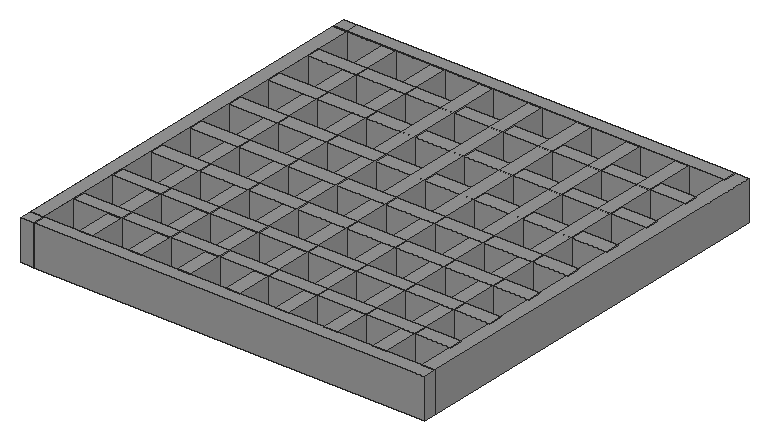
Revit family "6113-3", category Generic Models, host Ceiling, Revit 2023
Family settings
  Host = Ceiling
  Can host rebar = No
  Round Connector Dimension = Use Diameter
  Part Type = Normal
  Always vertical = Yes
  Cut with Voids When Loaded = No
  Maintain Annotation Orientation = No
  Shared = No
  Room Calculation Point = No
Parameters (values of type "6112-3")
  MEMBER THICKNESS [instance] = 0' - 0 3/4"  # constant formula
  Default Elevation = 0' - 0"
  Cube Depth [instance] = 0' - 2 1/4"  # constant formula
  CELL COUNT [instance] = 8  # constant formula
  .. Member Material [instance] = 9WOOD WALNUT
Types (3): name
  (no name)
  6112-3
  6113-3
Reference planes (in)
  plane 1 "Center (Front/Back)": y = 0
  plane 2 "Ceiling": z = 96
  plane 3 "Center (Left/Right)": x = 0
Dimensions and locks (in)
  equal spacing: host sketch curve, plane 3 "Center (Left/Right)", host sketch curve
  equal spacing: host sketch curve, plane 1 "Center (Front/Back)", host sketch curve
  host sketch curve to host sketch curve = 10' - 0"  (x2)
  aligned and locked: host ceiling to nested 1
Nested families (in)
  nested 1: "6100 Start" at (-406.11614, -294.13883, 72.37482), Actual Depth <- "Cube Depth", Member Material <- ".. Member Material", MEMBER COUNT <- "CELL COUNT", MEMBER THICKNESS <- "MEMBER THICKNESS", type "6100 Start"
    with W1 CALC 1' - 10 1/4", T1 1' - 9 1/2", Member Material 9WOOD WALNUT, MEMBER THICKNESS 0' - 0 3/4", MEMBER COUNT 8, D2 TYP 0' - 2 25/32", Actual Depth 0' - 2 1/4", .. Half Member Width 0' - 0 3/8"
Definition of nested family "6100 Start"
  Parameters (values of type "6100 Start")
    W1 CALC [instance] = 1' 9 1/2" + MEMBER THICKNESS  # 1' - 10 1/8"
    T1 [instance] = 1' - 9 1/2"  # constant formula
    Member Material [instance] = none
    .. Half Member Width [instance] = MEMBER THICKNESS / 2  # 0' - 0 5/16"
    Actual Depth [instance] = 0' - 2 1/4"
    MEMBER THICKNESS [instance] = 0' - 0 5/8"
    Default Elevation = 0' - 2 25/32"
    D2 TYP [instance] = (T1 + MEMBER THICKNESS) / MEMBER COUNT  # 0' - 5 17/32"
    MEMBER COUNT [instance] = 4
  Reference planes (in)
    plane 1 "Center (Front/Back)": y = 286.63756
    plane 2: z = 0
    plane 3 "Center (Left/Right)": x = 398.71958
    plane 4: y = 308.88756
    plane 5: x = 420.96958
    plane 6: x = 399.46958
    plane 7: y = 287.38756
    plane 8: x = 420.96958
    plane 9: x = 420.96958
    plane 10: z = 23.62518
    plane 11: x = 399.46958
    plane 12: y = 309.20006
    plane 13: y = 303.66881
    plane 14: x = 399.15708
    plane 15: x = 404.68833
  Dimensions and locks (in)
    "T1": plane 4 to plane 7
    "T1": plane 6 to plane 5
    ".. Half Member Width": plane 14 to plane 6
    ".. Half Member Width": plane 12 to plane 4
    "D2 TYP": plane 12 to plane 13
    "D2 TYP": plane 14 to plane 15
    equal spacing: group 1, group 3, group 4, group 7  (x2)
    equal spacing: group 7, group 4, group 3, group 1
    equal spacing: group 2, group 5, group 6, group 8
    equal spacing: group 8, group 6, group 5, group 2  (x2)
    aligned and locked: plane 2 to level
    aligned and locked: plane 4 to nested 1  (x2)
    aligned and locked: plane 5 to nested 2
    aligned and locked: plane 7 to nested 3
    aligned and locked: nested 3 to plane 6
    aligned and locked: nested 4 to plane 8
    aligned and locked: nested 4 to plane 7
    aligned and locked: nested 5 to plane 4
    aligned and locked: nested 5 to plane 9
    aligned and locked: plane 6 to nested 6
    aligned and locked: plane 4 to nested 6
    aligned and locked: plane 10 to nested 2
    aligned and locked: nested 5 to plane 10
    aligned and locked: nested 3 to plane 10
    aligned and locked: nested 6 to plane 10
    aligned and locked: nested 4 to plane 10
    aligned and locked: plane 11 to nested 6
    aligned and locked: plane 14 to nested 1
    aligned and locked: plane 15 to nested 7
    aligned and locked: nested 2 to plane 12
    aligned and locked: nested 9 to plane 13
    aligned and locked: plane 10 to nested 12
    aligned and locked: plane 10 to nested 11
    aligned and locked: plane 10 to nested 8
  Nested families (in)
    nested 1: "Only Box" at (399.15708, 298.13756, 21.37518), Width <- "MEMBER THICKNESS", Length <- "T1", Depth <- "Actual Depth", Material <- "Member Material", type "Only Box"
      with Width 0' - 0 5/8", Material none, Length 1' - 9 1/2", Depth 0' - 2 1/4"
    nested 2: "Only Box" at (410.21958, 309.20006, 21.37518), Length <- "MEMBER THICKNESS", Depth <- "Actual Depth", Material <- "Member Material", type "Only Box"
      with Width 1' - 9 1/2", Material none, Length 0' - 0 5/8", Depth 0' - 2 1/4"
    nested 3: "Only Box 2" at (438.46958, 259.37199, 23.62518) x (0, -1, 0) z (0, 0, 1), Depth <- "Actual Depth", Length <- "MEMBER THICKNESS", Material <- "Member Material", Width <- "W1 CALC", type "Only Box 2"
      with Width 1' - 10 1/8", Material none, Length 0' - 0 5/8", Depth 0' - 2 1/4"
    nested 4: "Only Box 2" at (448.98515, 326.38756, 23.62518), Depth <- "Actual Depth", Length <- "MEMBER THICKNESS", Material <- "Member Material", Width <- "W1 CALC", type "Only Box 2"
      with Width 1' - 10 1/8", Material none, Length 0' - 0 5/8", Depth 0' - 2 1/4"
    nested 5: "Only Box 2" at (381.96958, 336.90313, 23.62518) x (0, 1, 0) z (0, 0, 1), Depth <- "Actual Depth", Length <- "MEMBER THICKNESS", Material <- "Member Material", Width <- "W1 CALC", type "Only Box 2"
      with Width 1' - 10 1/8", Material none, Length 0' - 0 5/8", Depth 0' - 2 1/4"
    nested 6: "Only Box 2" at (371.45401, 269.88756, 23.62518) x (-1, 0, 0) z (0, 0, 1), Depth <- "Actual Depth", Length <- "MEMBER THICKNESS", Material <- "Member Material", Width <- "W1 CALC", type "Only Box 2"
      with Width 1' - 10 1/8", Material none, Length 0' - 0 5/8", Depth 0' - 2 1/4"
    nested 7: "Only Box" at (404.68833, 298.13756, 21.37518), Width <- "MEMBER THICKNESS", Length <- "T1", Depth <- "Actual Depth", Material <- "Member Material", type "Only Box"
      with Width 0' - 0 5/8", Material none, Length 1' - 9 1/2", Depth 0' - 2 1/4"
    nested 8: "Only Box" at (410.21958, 298.13756, 21.37518), Width <- "MEMBER THICKNESS", Length <- "T1", Depth <- "Actual Depth", Material <- "Member Material", type "Only Box"
      with Width 0' - 0 5/8", Material none, Length 1' - 9 1/2", Depth 0' - 2 1/4"
    nested 9: "Only Box" at (410.21958, 303.66881, 21.37518), Length <- "MEMBER THICKNESS", Depth <- "Actual Depth", Material <- "Member Material", type "Only Box"
      with Width 1' - 9 1/2", Material none, Length 0' - 0 5/8", Depth 0' - 2 1/4"
    nested 10: "Only Box" at (410.21958, 298.13756, 21.37518), Length <- "MEMBER THICKNESS", Depth <- "Actual Depth", Material <- "Member Material", type "Only Box"
      with Width 1' - 9 1/2", Material none, Length 0' - 0 5/8", Depth 0' - 2 1/4"
    nested 11: "Only Box" at (415.75083, 298.13756, 21.37518), Width <- "MEMBER THICKNESS", Length <- "T1", Depth <- "Actual Depth", Material <- "Member Material", type "Only Box"
      with Width 0' - 0 5/8", Material none, Length 1' - 9 1/2", Depth 0' - 2 1/4"
    nested 12: "Only Box" at (410.21958, 292.60631, 21.37518), Length <- "MEMBER THICKNESS", Depth <- "Actual Depth", Material <- "Member Material", type "Only Box"
      with Width 1' - 9 1/2", Material none, Length 0' - 0 5/8", Depth 0' - 2 1/4"
  Definition of nested family "Only Box"
    Parameters
      Width [instance] = 4' - 8.03114"
      Material [instance] = none
      Length [instance] = 6' - 6"
      Depth [instance] = 2' - 8"
      Default Elevation = 0' - 0"
    Reference planes (in)
      plane 1 "Center (Front/Back)": y = 0
      plane 2: z = 0
      plane 3 "Center (Left/Right)": x = 0
      plane 4: x = -28.01557
      plane 5: x = 28.01557
      plane 6: y = 39
      plane 7: y = -39
      plane 8: z = 32
    Forms (in)
      Extrusion 1, solid, material <- "Material"
        sketch origin (0, 0, 0) x (1, 0, 0) y (0, 1, 0)
          loop
            line (-28.01557, 39) -> (-28.01557, -39) -> (28.01557, -39) -> (28.01557, 39) -> (-28.01557, 39)
        from 0 to 32
    Dimensions and locks (in)
      equal spacing: plane 6, plane 1 "Center (Front/Back)", plane 7
      equal spacing: plane 4, plane 3 "Center (Left/Right)", plane 5
      "Width": plane 4 to plane 5
      "Length": plane 6 to plane 7
      "Depth": plane 8 to level
      aligned and locked: plane 2 to level
      aligned and locked: Extrusion 1 sketch curve to plane 6
      aligned and locked: plane 4 to Extrusion 1 sketch curve
      aligned and locked: plane 7 to Extrusion 1 sketch curve
      aligned and locked: Extrusion 1 sketch curve to plane 5
      aligned and locked: plane 8 to Extrusion 1
      aligned and locked: Extrusion 1 to level
  Definition of nested family "Only Box 2"
    Parameters (values of type "Only Box 2")
      Width [instance] = 4' - 8.03114"
      Material [instance] = none
      Length [instance] = 6' - 6"
      Depth [instance] = 2' - 8"
      Default Elevation = 0' - 0"
    Reference planes (in)
      plane 1 "Center (Front/Back)": y = 39
      plane 2: z = 0
      plane 3 "Center (Left/Right)": x = -28.01557
      plane 4: x = 49.98443
      plane 5: y = -17.03114
      plane 6: z = -32
      plane 7: x = 10.98443
      plane 8: y = 10.98443
    Forms (in)
      Extrusion 1, solid, material <- "Material"
        sketch origin (0, 0, 0) x (1, 0, 0) y (0, 1, 0)
          loop
            line (-28.01557, 39) -> (-28.01557, -17.03114) -> (49.98443, -17.03114) -> (49.98443, 39) -> (-28.01557, 39)
        from 0 to -32
    Dimensions and locks (in)
      "Length": plane 3 "Center (Left/Right)" to plane 4
      "Width": plane 5 to plane 1 "Center (Front/Back)"
      "Depth": level to plane 6
      equal spacing: plane 3 "Center (Left/Right)", plane 7, plane 4
      equal spacing: plane 1 "Center (Front/Back)", plane 8, plane 5
      aligned and locked: plane 2 to level
      aligned and locked: Extrusion 1 to level
      aligned and locked: Extrusion 1 to plane 3 "Center (Left/Right)"
      aligned and locked: Extrusion 1 to plane 1 "Center (Front/Back)"
      aligned and locked: plane 4 to Extrusion 1
      aligned and locked: Extrusion 1 to plane 5
      aligned and locked: Extrusion 1 to plane 6
    Automatic sketch dimensions
      Extrusion 1 sketch curve to plane 1 "Center (Front/Back)" = 0' - 0"
      plane 1 "Center (Front/Back)" to Extrusion 1 sketch curve = 4' - 8.03114"
      Extrusion 1 sketch curve to plane 3 "Center (Left/Right)" = 0' - 0"
      plane 3 "Center (Left/Right)" to Extrusion 1 sketch curve = 6' - 6"
